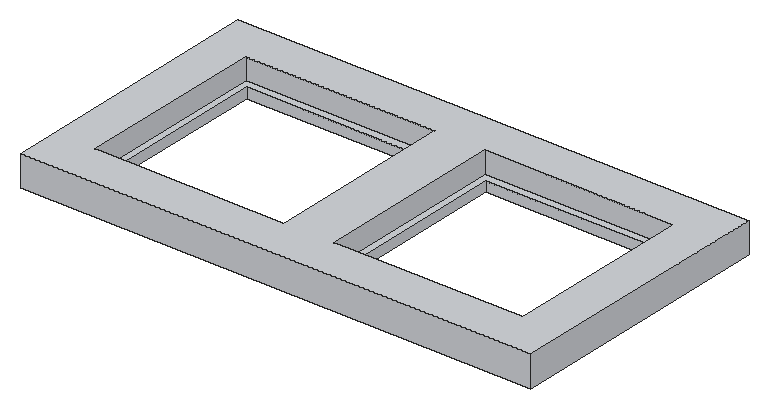
Revit family "Gira_021223", category Electrical Fixtures, host Face, Revit 2017
Family settings
  Host = Face
  Maintain Annotation Orientation = No
  Round Connector Dimension = Use Diameter
  Part Type = Normal
  Cut with Voids When Loaded = No
  Shared = No
  Room Calculation Point = No
Parameters (values of type "Abdeckrahmen 2f Gira E2 Anthrazit")
  Werkstoffgüte = "Thermoplast"
  Werkstoff = "Kunststoff"
  URL = "http://katalog.gira.de/de_DE/datenblatt.html?artikelnr=021223"
  Transparent = "No"
  Textfeld/Beschriftungsfläche = "No"
  Schutzart (IP) = "IP20"
  Region = "DE"
  Oberfläche = "sonstige"
  Name = "Abdeckrahmen 2f Gira E2 Anthrazit"
  Montagerichtung = "horizontal und vertikal"
  Mit Montagerahmen = "No"
  Mit Klappdeckel = "No"
  Manufacturer URL = "https://www.gira.de/"
  Keynote = "E2_Rahmen_2fach"
  HeinzeBIM = "https://bimportal.heinze.de/bim/abdeckrahmen-2f-gira-e2-anthrazit/8e2c0a64ddb7097737cc1aeedbcee5fd4b5f5eac"
  Halogenfrei = "Yes"
  HAN = "021223"
  Geeignet für Unterputz-Installation = "Yes"
  Geeignet für Unterflurkanaldose = "No"
  Geeignet für Geräteeinbaukanal = "No"
  Geeignet für Einbauinstallation = "No"
  GTIN = "4010337212232"
  Farbe = "anthrazit"
  Default Elevation = 1219.2 mm
  Data sheet (1) = "https://katalog.gira.de/de_DE/download.html?artikelnr=021223"
  Category = "Abdeckrahmen"
  Befestigungsart = "Klemmbefestigung"
  Available = "Yes"
  Anzahl der Einheiten vertikal = "2 "
  Anzahl der Einheiten horizontal = "2 "
  Anzahl der Einheiten = "2 "
Reference planes
  plane 1 "Center (Front/Back)": y = 0
  plane 2: z = 0
  plane 3 "Center (Left/Right)": x = 0
Forms (mm)
  Extrusion 1, solid, detail levels fine
    sketch origin (0, 0, 0) x (1, 0, 0) y (0, 1, 0)
      loop
        line (75.95, 40.4) -> (-75.95, 40.4) -> (-75.95, -40.4) -> (75.95, -40.4) -> (75.95, 40.4)
      loop
        line (-63.702, 28.152) -> (-63.702, -28.152) -> (-7.398, -28.152) -> (-7.398, 28.152) -> (-63.702, 28.152)
      loop
        line (7.398, 28.152) -> (7.398, -28.152) -> (63.702, -28.152) -> (63.702, 28.152) -> (7.398, 28.152)
    from 0 to 9.3
  Extrusion 2, solid, detail levels fine
    sketch origin (-35.55, 0, 0) x (1, 0, 0) y (0, 1, 0)
      loop
        line (-28.152, -28.152) -> (28.152, -28.152) -> (28.152, 28.152) -> (-28.152, 28.152) -> (-28.152, -28.152)
      loop
        line (25.9, -25.7) -> (25.9, 25.7) -> (-25.9, 25.7) -> (-25.9, -25.7) -> (25.9, -25.7)
    from 0 to 3
  Extrusion 3, solid, detail levels coarse+medium
    sketch origin (0, 0, 0) x (1, 0, 0) y (0, 1, 0)
      loop
        line (75.95, 40.4) -> (-75.95, 40.4) -> (-75.95, -40.4) -> (75.95, -40.4) -> (75.95, 40.4)
    from 0 to 9.3
  Extrusion 4, solid, detail levels fine
    sketch origin (35.55, -0.047, 0) x (1, 0, 0) y (0, 1, 0)
      loop
        line (-28.152, -28.106) -> (28.152, -28.106) -> (28.152, 28.199) -> (-28.152, 28.199) -> (-28.152, -28.106)
      loop
        line (25.9, -25.653) -> (25.9, 25.747) -> (-25.9, 25.747) -> (-25.9, -25.653) -> (25.9, -25.653)
    from 0 to 3
Dimensions and locks
  aligned and locked: plane 2 to host face
  aligned and locked: level to host face
